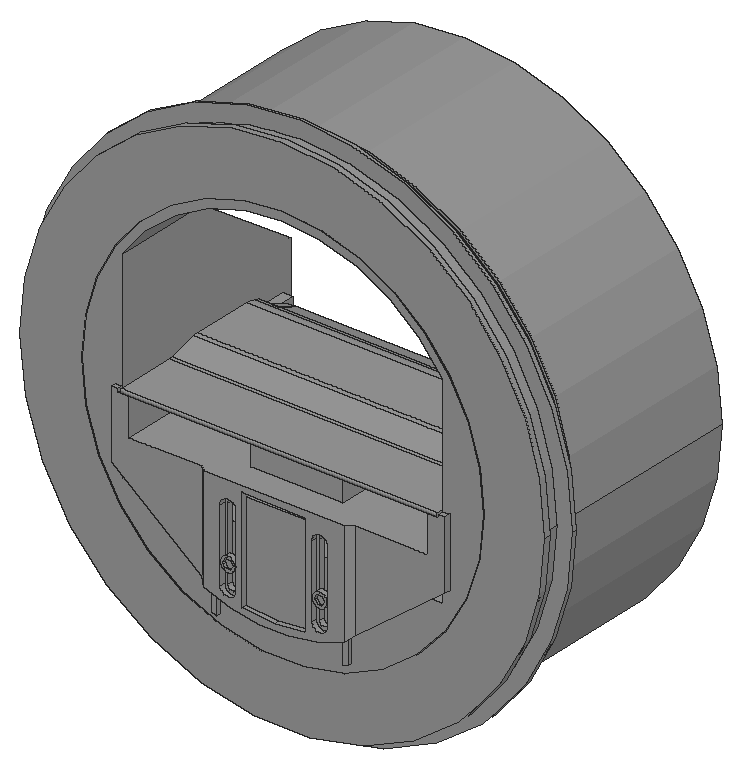
Revit family "CR 8 Inch Diameter", category Mechanical Equipment, Revit 2015
Parameters
  URL = "http://unitedenertech.com/catalog/pdf/L_2B,C%20Model%20CR.pdf"
  Type Comments = "8\" Diameter Model"
  Model = "CR"
  Manufacturer = "United Enertech Corporation"
  Description = "Precision/Flow Damper"
  Depth = 0' - 3.33"
  Damper O.D. = 0' - 7 11/16"
Reference planes (in)
  plane 1 "Center (Front/Back)": y = 0
  plane 2: z = 0
  plane 3 "Center (Left/Right)": x = 0
  plane 4: x = 3.84375
  plane 5: x = -3.84375
Forms (in)
  Extrusion 1, solid, material "Plastic, Opaque Black"
    sketch origin (0, 0, 0) x (1, 0, 0) y (0, 0, 1)
      loop
        circle (0, 0) r 3.84375
    from -0.085 to 0
  Extrusion 2, solid, material "Rubber, Black"
    sketch origin (0, 0, 0) x (1, 0, 0) y (0, 0, 1)
      loop
        circle (0, 0) r 3.75875
    from -0.085 to -0.603
  Extrusion 3, solid, material "Steel, Galvanized"
    sketch origin (0, 0, 0) x (1, 0, 0) y (0, 0, 1)
      loop
        circle (0, 0) r 3.75875
    from -0.653 to -3.33
  Extrusion 4, solid, material "Steel, Galvanized"
    sketch origin (0, 0, 0) x (1, 0, 0) y (0, 0, 1)
      loop
        circle (0, 0) r 3.70875
    from -0.603 to -0.653
  Extrusion 5, void
    sketch origin (0, 0, 0) x (1, 0, 0) y (0, 0, 1)
      loop
        circle (0, 0) r 3.67729
    from -4.11535 to -0.085
  Extrusion 6, void
    sketch origin (0, 0, 0) x (1, 0, 0) y (0, 0, 1)
      loop
        circle (0, 0) r 3.67729
    from -4.11535 to -0.085
  Extrusion 7, solid, material "Rubber, Black"
    sketch origin (0, 0, 0) x (1, 0, 0) y (0, 0, 1)
      loop
        circle (0, 0) r 3.75875
      loop
        circle (0, 0) r 4
    from -0.36146 to -0.31146
  Extrusion 8, void
    sketch origin (0, 0, 0) x (1, 0, 0) y (0, 0, 1)
      loop
        circle (0, 0) r 2.94375
    from 0 to -5
  Extrusion 9, solid, material "Plastic, Opaque Black"
    sketch origin (0, 0, 0) x (1, 0, 0) y (0, 0, 1)
      loop
        circle (0, 0) r 2.94375
    from 0 to -1.45
  Extrusion 10, void
    sketch origin (0, 0, 0) x (1, 0, 0) y (0, 0, 1)
      loop
        line (2.34375, 0) -> (2.34375, 1.56595)
        arc (2.34375, 1.56595) -> (1.32879, 2.4859) -> (0, 2.81875) r 2.81875
        arc (0, 2.81875) -> (-1.32879, 2.4859) -> (-2.34375, 1.56595) r 2.81875
        line (-2.34375, 1.56595) -> (-2.34375, -1.38375) -> (0, -1.38375) -> (2.34375, -1.38375) -> (2.34375, 0)
    from 0 to -3.83307
  Extrusion 11, solid, material "Plastic, Opaque Black"
    sketch origin (0, 0, 0) x (0, 1, 0) y (0, 0, 1)
      loop
        line (1.45, 1.56595) -> (1.45, -1.63375) -> (2.675, -1.63375) -> (3.075, -1.23375) -> (3.075, 0.41595) -> (1.45, 1.56595)
    from 2.34375 to 2.42375
  Extrusion 12, solid, material "Plastic, Opaque Black"
    sketch origin (0, 0, 0) x (0, 1, 0) y (0, 0, -1)
      loop
        line (1.45, -1.56595) -> (3.075, -0.41595) -> (3.075, 1.23375) -> (2.675, 1.63375) -> (1.45, 1.63375) -> (1.45, -1.56595)
    from 2.34375 to 2.42375
  Extrusion 13, solid, material "Plastic, Opaque Black"
    sketch origin (0, 0, 0) x (0, 1, 0) y (0, 0, 1)
      loop
        line (1.45, -1.63375) -> (2.675, -1.63375) -> (2.675, -1.38375) -> (1.45, -1.38375) -> (1.45, -1.63375)
    from 2.34375 to -2.34375
  Extrusion 14, void
    sketch origin (0, 0, 0) x (1, 0, 0) y (0, 0, 1)
      loop
        line (-2.42375, 1.56595) -> (-2.42375, 1.67066)
        arc (-2.42375, 1.67066) -> (-2.84696, -0.74864) -> (-1.28843, -2.64681) r 2.94375
        arc (-1.28843, -2.64681) -> (2.23212, -1.91919) -> (2.42375, 1.67066) r 2.94375
        line (2.42375, 1.67066) -> (2.42375, -1.63375) -> (-2.42375, -1.63375) -> (-2.42375, 1.56595)
    from -0.31146 to -3.5842
  Extrusion 15, void
    sketch origin (0, 0, 0) x (1, 0, 0) y (0, 0, 1)
      loop
        arc (-2.42375, 1.52225) -> (-2.86213, 0) -> (-2.42375, -1.52225) r 2.86213
        line (-2.42375, -1.52225) -> (-2.42375, 1.52225)
      loop
        line (2.42375, 1.52225) -> (2.42375, -1.52225)
        arc (2.42375, -1.52225) -> (2.86213, 0) -> (2.42375, 1.52225) r 2.86213
      loop
        arc (-2.35004, -1.63375) -> (0, -2.86213) -> (2.35004, -1.63375) r 2.86213
        line (2.35004, -1.63375) -> (-2.35004, -1.63375)
    from -0.085 to -1.45
  Extrusion 16, solid, material "Plastic, Opaque Black"
    sketch origin (0, 0, 0) x (1, 0, 0) y (0, 0, 1)
      loop
        line (-2.44375, -1.17375) -> (-1.02975, -2.27121)
        arc (-1.02975, -2.27121) -> (-0.52676, -2.43748) -> (0, -2.49375) r 2.49375
        arc (0, -2.49375) -> (0.52676, -2.43748) -> (1.02975, -2.27121) r 2.49375
        line (1.02975, -2.27121) -> (2.44375, -1.17375) -> (2.44375, -0.17375) -> (2.35375, -0.17375) -> (2.35375, -0.22375) -> (2.18375, -0.22375) -> (2.18375, -0.75775) -> (-2.18375, -0.75775) -> (-2.18375, -0.22375) -> (-2.35375, -0.22375) -> (-2.35375, -0.17375) -> (-2.44375, -0.17375) -> (-2.44375, -1.17375)
    from 0 to 0.08
  Extrusion 17, solid, material "Plastic, Opaque Black"
    sketch origin (0, 0, 0) x (1, 0, 0) y (0, 0, 1)
      loop
        line (-1.00274, -1.63375) -> (-1.00274, -2.63586)
        arc (-1.00274, -2.63586) -> (-0.96285, -2.65069) -> (-0.92274, -2.66492) r 2.82015
        line (-0.92274, -2.66492) -> (-0.92274, -1.63375) -> (-1.00274, -1.63375)
    from 0 to 0.05168
  Extrusion 18, solid, material "Plastic, Opaque Black"
    sketch origin (0, 0, 0) x (-1, 0, 0) y (0, 0, -1)
      loop
        line (-1.00274, 1.63375) -> (-0.92274, 1.63375) -> (-0.92274, 2.66492)
        arc (-0.92274, 2.66492) -> (-0.96285, 2.65069) -> (-1.00274, 2.63586) r 2.82015
        line (-1.00274, 2.63586) -> (-1.00274, 1.63375)
    from 0 to 0.05168
  Blend 19, solid, material "Plastic, Opaque Black"
    base sketch origin (0, 0, 0) x (1, 0, 0) y (0, 0, 1)
      loop
        arc (-1.02975, -2.27121) -> (0, -2.49375) -> (1.02975, -2.27121) r 2.49375
        line (1.02975, -2.27121) -> (1.02975, -0.75775) -> (-1.02975, -0.75775) -> (-1.02975, -2.27121)
    top sketch origin (0, 0, 0) x (1, 0, 0) y (0, 0, 1)
      loop
        line (-1.02975, -0.75775) -> (-1.11975, -0.75775) -> (-1.11975, -2.20136) -> (-1.02975, -2.27121)
        arc (-1.02975, -2.27121) -> (0, -2.49375) -> (1.02975, -2.27121) r 2.49375
        line (1.02975, -2.27121) -> (1.11975, -2.20136) -> (1.11975, -0.75775) -> (1.02975, -0.75775) -> (-1.02975, -0.75775)
    from 0.16 to 0.08
  Extrusion 20, void
    sketch origin (0, 0, 0) x (1, 0, 0) y (0, 0, 1)
      loop
        line (0, -0.83775) -> (-0.47, -0.83775) -> (-0.47, -2.35225)
        arc (-0.47, -2.35225) -> (-0.23615, -2.3871) -> (0, -2.39875) r 2.39875
        arc (0, -2.39875) -> (0.23615, -2.3871) -> (0.47, -2.35225) r 2.39875
        line (0.47, -2.35225) -> (0.47, -0.83775) -> (0, -0.83775)
    from 0.08 to 0.16
  Extrusion 21, void
    sketch origin (0, 0, 0) x (1, 0, 0) y (0, 0, 1)
      loop
        line (-0.47, -0.83775) -> (-0.47, -0.93775) -> (0.47, -0.93775) -> (0.47, -0.83775) -> (-0.47, -0.83775)
    from 0 to 0.16
  Extrusion 22, void
    sketch origin (0, 0, 0) x (1, 0, 0) y (0, 0, 1)
      loop
        line (-0.738, -1.11125) -> (-0.738, -2.17208)
        arc (-0.738, -2.17208) -> (-0.6705, -2.23958) -> (-0.603, -2.17208) r 0.0675
        line (-0.603, -2.17208) -> (-0.603, -1.11125)
        arc (-0.603, -1.11125) -> (-0.6705, -1.04375) -> (-0.738, -1.11125) r 0.0675
      loop
        arc (0.738, -1.11125) -> (0.6705, -1.04375) -> (0.603, -1.11125) r 0.0675
        line (0.603, -1.11125) -> (0.603, -2.17208)
        arc (0.603, -2.17208) -> (0.6705, -2.23958) -> (0.738, -2.17208) r 0.0675
        line (0.738, -2.17208) -> (0.738, -1.11125)
    from 0 to 0.26809
  Extrusion 23, void
    sketch origin (0, 0, 0) x (1, 0, 0) y (0, 0, 1)
      loop
        line (-0.78878, -1.11125) -> (-0.78878, -2.17208)
        arc (-0.78878, -2.17208) -> (-0.6705, -2.29036) -> (-0.55222, -2.17208) r 0.11828
        line (-0.55222, -2.17208) -> (-0.55222, -1.11125)
        arc (-0.55222, -1.11125) -> (-0.6705, -0.99297) -> (-0.78878, -1.11125) r 0.11828
      loop
        arc (0.78878, -1.11125) -> (0.6705, -0.99297) -> (0.55222, -1.11125) r 0.11828
        line (0.55222, -1.11125) -> (0.55222, -2.17208)
        arc (0.55222, -2.17208) -> (0.6705, -2.29036) -> (0.78878, -2.17208) r 0.11828
        line (0.78878, -2.17208) -> (0.78878, -1.11125)
    from 0.08 to 0.26809
  Extrusion 24, solid, material "Aluminum"
    sketch origin (0, 0, 0.38301) x (1, 0, 0) y (0, 0, 1)
      loop
        circle (-0.6705, -2.23958) r 0.10606
    from 0.08 to 0.16
  Extrusion 25, solid, material "Aluminum"
    sketch origin (0, 0, -0.10606) x (1, 0, 0) y (0, 0, 1)
      loop
        circle (-0.6705, -1.75052) r 0.05796
    from 0 to 0.08
  Extrusion 26, void
    sketch origin (0, 0, 0) x (1, 0, 0) y (0, 0, 1)
      loop
        line (-0.62476, -1.79125) -> (-0.7042, -1.7843) -> (-0.74995, -1.84962) -> (-0.71624, -1.9219) -> (-0.6368, -1.92885) -> (-0.59105, -1.86352) -> (-0.62476, -1.79125)
    from 0.12205 to 0.26809
  Extrusion 27, solid, material "Aluminum"
    sketch origin (0, 0, 0.38301) x (-1, 0, 0) y (0, 0, -1)
      loop
        circle (-0.6705, 2.23958) r 0.10606
    from 0.08 to 0.16
  Extrusion 28, solid, material "Aluminum"
    sketch origin (0, 0, -0.10606) x (-1, 0, 0) y (0, 0, -1)
      loop
        circle (-0.6705, 1.75052) r 0.05796
    from 0 to 0.08
  Extrusion 29, void
    sketch origin (0, 0, 0) x (-1, 0, 0) y (0, 0, -1)
      loop
        line (-0.62476, 1.79125) -> (-0.59105, 1.86352) -> (-0.6368, 1.92885) -> (-0.71624, 1.9219) -> (-0.74995, 1.84962) -> (-0.7042, 1.7843) -> (-0.62476, 1.79125)
    from 0.12205 to 0.26809
  Extrusion 30, solid, material "Plastic, Opaque Black"
    sketch origin (0, 0, 0) x (1, 0, 0) y (0, 1, 0)
      loop
        line (-0.6725, 0.915) -> (-0.6725, 0.265) -> (0.6725, 0.265) -> (0.6725, 0.915) -> (-0.6725, 0.915)
    from -0.75775 to -0.31775
  Extrusion 31, solid, material "Plastic, Opaque Black"
    sketch origin (0, 0, 0) x (1, 0, 0) y (0, 0, 1)
      loop
        line (-2.34375, -0.22375) -> (-2.34375, -1.00775) -> (2.34375, -1.00775) -> (2.34375, -0.75775) -> (2.34375, -0.22375) -> (2.18375, -0.22375) -> (2.18375, -0.75775) -> (-2.18375, -0.75775) -> (-2.18375, -0.22375) -> (-2.34375, -0.22375)
    from -2.91717 to 0
  Extrusion 32, solid, material "Plastic, Opaque Black"
    sketch origin (0, 0, 0) x (0, 1, 0) y (0, 0, 1)
      loop
        arc (-0.05557, -0.17375) -> (-0.07998, -0.19906) -> (-0.05382, -0.22255) r 0.02443
        line (-0.05382, -0.22255) -> (0.82534, -0.22453)
        arc (0.82534, -0.22453) -> (0.8563, -0.22254) -> (0.88675, -0.2166) r 0.24181
        line (0.88675, -0.2166) -> (1.28312, -0.11252)
        arc (1.28312, -0.11252) -> (1.31381, -0.10654) -> (1.34502, -0.10453) r 0.24371
        line (1.34502, -0.10453) -> (2.23036, -0.10453)
        arc (2.23036, -0.10453) -> (2.2978, -0.11001) -> (2.36347, -0.1263) r 0.41795
        line (2.36347, -0.1263) -> (2.44483, -0.15363) -> (2.461, -0.10549) -> (2.37965, -0.07816)
        arc (2.37965, -0.07816) -> (2.306, -0.05989) -> (2.23036, -0.05375) r 0.46873
        line (2.23036, -0.05375) -> (1.34502, -0.05375)
        arc (1.34502, -0.05375) -> (1.30731, -0.05617) -> (1.27023, -0.06341) r 0.29449
        line (1.27023, -0.06341) -> (0.87385, -0.16749)
        arc (0.87385, -0.16749) -> (0.8498, -0.17218) -> (0.82534, -0.17375) r 0.19103
        line (0.82534, -0.17375) -> (-0.05557, -0.17375)
    from -2.31257 to 2.31257
  Extrusion 33, solid, material "Plastic, Opaque Black"
    sketch origin (0, 0, 0) x (0, 1, 0) y (0, 0, 1)
      loop
        line (2.461, -0.10549) -> (2.44483, -0.15363) -> (2.36347, -0.1263)
        arc (2.36347, -0.1263) -> (2.2978, -0.11001) -> (2.23036, -0.10453) r 0.41795
        line (2.23036, -0.10453) -> (1.34502, -0.10453)
        arc (1.34502, -0.10453) -> (1.31381, -0.10654) -> (1.28312, -0.11252) r 0.24371
        line (1.28312, -0.11252) -> (0.88675, -0.2166)
        arc (0.88675, -0.2166) -> (0.86576, -0.22113) -> (0.84446, -0.22377) r 0.24181
        line (0.84446, -0.22377) -> (-0.05382, -0.22255) -> (0.14264, -0.35993) -> (2.3582, -0.35993) -> (2.7537, -0.22375) -> (2.461, -0.10549)
    from 2.02394 to 2.12394
  Extrusion 34, solid, material "Plastic, Opaque Black"
    sketch origin (0, 0, 0) x (0, 1, 0) y (0, 0, -1)
      loop
        line (2.461, 0.10549) -> (2.7537, 0.22375) -> (2.3582, 0.35993) -> (0.14264, 0.35993) -> (-0.05382, 0.22255) -> (0.84446, 0.22377)
        arc (0.84446, 0.22377) -> (0.86576, 0.22113) -> (0.88675, 0.2166) r 0.24181
        line (0.88675, 0.2166) -> (1.28312, 0.11252)
        arc (1.28312, 0.11252) -> (1.31381, 0.10654) -> (1.34502, 0.10453) r 0.24371
        line (1.34502, 0.10453) -> (2.23036, 0.10453)
        arc (2.23036, 0.10453) -> (2.2978, 0.11001) -> (2.36347, 0.1263) r 0.41795
        line (2.36347, 0.1263) -> (2.44483, 0.15363) -> (2.461, 0.10549)
    from 2.02394 to 2.12394
  Extrusion 35, solid, material "Plastic, Opaque Black"
    sketch origin (0, 0, 0) x (0, 1, 0) y (0, 0, 1)
      loop
        line (2.461, -0.10549) -> (2.44483, -0.15363) -> (2.61838, -0.22375) -> (2.7537, -0.22375) -> (2.461, -0.10549)
    from -2.02394 to 2.02394
  Extrusion 36, solid, material "Plastic, Opaque Black"
    sketch origin (0, 0, 0) x (0, 1, 0) y (0, 0, 1)
      loop
        line (-0.05382, -0.22255) -> (0.08135, -0.31707) -> (0.09937, -0.2913) -> (0.00277, -0.22375) -> (-0.05382, -0.22255)
    from -2.02394 to 2.02394
Cuts and joins
  Extrusion 5, Extrusion 6, Extrusion 8, Extrusion 14 cuts Extrusion 1
  Extrusion 5, Extrusion 6 cuts Extrusion 3
  Extrusion 6 cuts Extrusion 2
  Extrusion 6 cuts Extrusion 4
  Extrusion 10, Extrusion 14, Extrusion 15, Extrusion 20, Extrusion 22, Extrusion 23, Extrusion 26 cuts Extrusion 9
  Extrusion 14, Extrusion 15, Extrusion 20, Extrusion 22, Extrusion 23, Extrusion 26 cuts Extrusion 11
  Extrusion 14, Extrusion 15, Extrusion 20, Extrusion 22, Extrusion 23, Extrusion 26 cuts Extrusion 12
  Extrusion 14, Extrusion 15, Extrusion 20, Extrusion 22, Extrusion 23, Extrusion 26 cuts Extrusion 13
  joined: Extrusion 9, Extrusion 11, Extrusion 12, Extrusion 13
  Extrusion 20, Extrusion 21, Extrusion 22, Extrusion 23, Extrusion 26 cuts Extrusion 16
  Extrusion 20, Extrusion 21, Extrusion 22, Extrusion 23, Extrusion 26 cuts Blend 19
  joined: Extrusion 16, Blend 19, Extrusion 31
  Extrusion 26, Extrusion 29 cuts Extrusion 24
  Extrusion 26 cuts Extrusion 25
  Extrusion 29 cuts Extrusion 27
  joined: Extrusion 32, Extrusion 35
Dimensions and locks (in)
  "Damper O.D.": plane 5 to plane 4
  "Depth": cut or joined group of Extrusion 3, Extrusion 5, Extrusion 6 to cut or joined group of Extrusion 1, Extrusion 5, Extrusion 6, Extrusion 8, Extrusion 14
  aligned and locked: level to plane 2
Automatic sketch dimensions
  Extrusion 1 sketch curve to level = 0' - 0"
  Extrusion 1 sketch curve to plane 3 "Center (Left/Right)" = 0' - 0"
  Extrusion 2 sketch curve to level = 0' - 0"
  Extrusion 2 sketch curve to plane 3 "Center (Left/Right)" = 0' - 0"
  Extrusion 3 sketch curve to level = 0' - 0"
  Extrusion 3 sketch curve to plane 3 "Center (Left/Right)" = 0' - 0"
  Extrusion 4 sketch curve to level = 0' - 0"
  Extrusion 4 sketch curve to plane 3 "Center (Left/Right)" = 0' - 0"
  Extrusion 5 sketch curve to level = 0' - 0"
  Extrusion 5 sketch curve to plane 3 "Center (Left/Right)" = 0' - 0"
  Extrusion 6 sketch curve to level = 0' - 0"
  Extrusion 6 sketch curve to plane 3 "Center (Left/Right)" = 0' - 0"
  Extrusion 7 sketch curve to Extrusion 7 sketch curve = 0' - 0"  (x2)
  Extrusion 7 sketch curve to level = 0' - 0"
  Extrusion 7 sketch curve to plane 3 "Center (Left/Right)" = 0' - 0"
  Extrusion 8 sketch curve to level = 0' - 0"
  Extrusion 8 sketch curve to plane 3 "Center (Left/Right)" = 0' - 0"
  Extrusion 9 sketch curve to level = 0' - 0"
  Extrusion 9 sketch curve to plane 3 "Center (Left/Right)" = 0' - 0"
  Extrusion 10 sketch curve to Extrusion 10 sketch curve = 0' - 0"  (x2)
  Extrusion 10 sketch curve to plane 3 "Center (Left/Right)" = 0' - 0"  (x2)
  Extrusion 10 sketch curve to level = 0' - 0"  (x2)
  Extrusion 10 sketch curve to plane 5 = 0' - 1 1/2"
  plane 4 to Extrusion 10 sketch curve = 0' - 1 1/2"
  Extrusion 10 sketch curve to level = 0' - 1.38375"
  level to Extrusion 10 sketch curve = 0' - 1.56595"
  Extrusion 11 sketch curve to plane 1 "Center (Front/Back)" = 0' - 1.45"
  Extrusion 11 sketch curve to Extrusion 11 sketch curve = 0' - 1.225"
  level to Extrusion 11 sketch curve = 0' - 0.41595"
  Extrusion 11 sketch curve to Extrusion 11 sketch curve = 0' - 1 5/8"
  Extrusion 11 sketch curve to level = 0' - 1.23375"
  Extrusion 11 sketch curve to level = 0' - 1.63375"
  level to Extrusion 11 sketch curve = 0' - 1.56595"
  Extrusion 12 sketch curve to plane 1 "Center (Front/Back)" = 0' - 1.45"
  Extrusion 12 sketch curve to Extrusion 12 sketch curve = 0' - 1.225"
  level to Extrusion 12 sketch curve = 0' - 0.41595"
  Extrusion 12 sketch curve to Extrusion 12 sketch curve = 0' - 1 5/8"
  level to Extrusion 12 sketch curve = 0' - 1.56595"
  Extrusion 12 sketch curve to level = 0' - 1.23375"
  Extrusion 12 sketch curve to Extrusion 12 sketch curve = 0' - 0.4"
  Extrusion 13 sketch curve to plane 1 "Center (Front/Back)" = 0' - 1.45"
  Extrusion 13 sketch curve to Extrusion 13 sketch curve = 0' - 1.225"
  Extrusion 13 sketch curve to level = 0' - 1.63375"
  Extrusion 13 sketch curve to Extrusion 13 sketch curve = 0' - 0 1/4"
  Extrusion 14 sketch curve to Extrusion 14 sketch curve = 0' - 0"  (x2)
  Extrusion 14 sketch curve to level = 0' - 0"
  Extrusion 14 sketch curve to plane 3 "Center (Left/Right)" = 0' - 0"
  Extrusion 14 sketch curve to plane 5 = 0' - 1.42"
  plane 4 to Extrusion 14 sketch curve = 0' - 1.42"
  Extrusion 14 sketch curve to level = 0' - 1.63375"
  level to Extrusion 14 sketch curve = 0' - 1.56595"
  Extrusion 14 sketch curve to Extrusion 14 sketch curve = 0' - 0.10471"
  Extrusion 14 sketch curve to plane 3 "Center (Left/Right)" = 0' - 1.28843"
  Extrusion 15 sketch curve to Extrusion 15 sketch curve = 0' - 0"  (x6)
  Extrusion 15 sketch curve to level = 0' - 0"
  Extrusion 15 sketch curve to plane 3 "Center (Left/Right)" = 0' - 0"
  Extrusion 15 sketch curve to plane 5 = 0' - 1.49371"
  Extrusion 15 sketch curve to Extrusion 15 sketch curve = 0' - 0.07371"  (x2)
  Extrusion 15 sketch curve to level = 0' - 1.52225"  (x2)
  Extrusion 15 sketch curve to Extrusion 15 sketch curve = 0' - 0.1115"
  Extrusion 16 sketch curve to Extrusion 16 sketch curve = 0' - 0"  (x2)
  Extrusion 16 sketch curve to level = 0' - 0"
  Extrusion 16 sketch curve to plane 3 "Center (Left/Right)" = 0' - 0"
  Extrusion 16 sketch curve to plane 3 "Center (Left/Right)" = 0' - 1.02975"
  Extrusion 16 sketch curve to level = 0' - 0.22375"  (x2)
  Extrusion 16 sketch curve to plane 5 = 0' - 1.66"
  Extrusion 16 sketch curve to Extrusion 16 sketch curve = 0' - 0.17"  (x2)
  Extrusion 16 sketch curve to Extrusion 16 sketch curve = 0' - 0.26"
  plane 3 "Center (Left/Right)" to Extrusion 16 sketch curve = 0' - 1.02975"
  Extrusion 16 sketch curve to level = 0' - 0.75775"
  plane 4 to Extrusion 16 sketch curve = 0' - 1.66"
  Extrusion 16 sketch curve to Extrusion 16 sketch curve = 0' - 0.09"
  Extrusion 16 sketch curve to Extrusion 16 sketch curve = 0' - 0.416"  (x2)
  Extrusion 16 sketch curve to Extrusion 16 sketch curve = 0' - 1.09746"
  Extrusion 16 sketch curve to Extrusion 16 sketch curve = 0' - 0.05"  (x2)
  Extrusion 17 sketch curve to level = 0' - 0"
  Extrusion 17 sketch curve to plane 3 "Center (Left/Right)" = 0' - 0"
  Extrusion 17 sketch curve to plane 3 "Center (Left/Right)" = 0' - 0.92274"
  Extrusion 17 sketch curve to Extrusion 17 sketch curve = 0' - 0.08"
  Extrusion 17 sketch curve to level = 0' - 1.63375"
  Extrusion 17 sketch curve to Extrusion 17 sketch curve = 0' - 1.00211"
  Extrusion 18 sketch curve to level = 0' - 0"
  Extrusion 18 sketch curve to plane 3 "Center (Left/Right)" = 0' - 0"
  Extrusion 18 sketch curve to plane 3 "Center (Left/Right)" = 0' - 0.92274"
  Extrusion 18 sketch curve to Extrusion 18 sketch curve = 0' - 0.08"
  level to Extrusion 18 sketch curve = 0' - 1.63375"
  Extrusion 18 sketch curve to Extrusion 18 sketch curve = 0' - 1.00211"
  Blend 19 sketch curve to level = 0' - 0"  (x2)
  Blend 19 sketch curve to plane 3 "Center (Left/Right)" = 0' - 0"  (x2)
  Blend 19 sketch curve to plane 3 "Center (Left/Right)" = 0' - 1.02975"  (x3)
  plane 3 "Center (Left/Right)" to Blend 19 sketch curve = 0' - 1.02975"  (x3)
  Blend 19 sketch curve to level = 0' - 0.75775"  (x2)
  Blend 19 sketch curve to Blend 19 sketch curve = 0' - 1.51346"
  Blend 19 sketch curve to Blend 19 sketch curve = 0' - 0.09"  (x2)
  Blend 19 sketch curve to Blend 19 sketch curve = 0' - 1.44361"  (x2)
  Blend 19 sketch curve to Blend 19 sketch curve = 0' - 0.06985"
  Extrusion 20 sketch curve to Extrusion 20 sketch curve = 0' - 0"  (x2)
  Extrusion 20 sketch curve to plane 3 "Center (Left/Right)" = 0' - 0"  (x2)
  Extrusion 20 sketch curve to level = 0' - 0"
  Extrusion 20 sketch curve to Extrusion 20 sketch curve = 0' - 0.47"
  plane 3 "Center (Left/Right)" to Extrusion 20 sketch curve = 0' - 0.47"
  Extrusion 20 sketch curve to level = 0' - 0.83775"
  Extrusion 20 sketch curve to Extrusion 20 sketch curve = 0' - 1.5145"
  Extrusion 21 sketch curve to plane 3 "Center (Left/Right)" = 0' - 0.47"
  plane 3 "Center (Left/Right)" to Extrusion 21 sketch curve = 0' - 0.47"
  Extrusion 21 sketch curve to level = 0' - 0.93775"
  Extrusion 21 sketch curve to Extrusion 21 sketch curve = 0' - 0.1"
  Extrusion 22 sketch curve to plane 3 "Center (Left/Right)" = 0' - 0.738"
  Extrusion 22 sketch curve to Extrusion 22 sketch curve = 0' - 0.0675"  (x2)
  plane 3 "Center (Left/Right)" to Extrusion 22 sketch curve = 0' - 0.603"
  Extrusion 22 sketch curve to level = 0' - 2.17208"
  Extrusion 22 sketch curve to Extrusion 22 sketch curve = 0' - 0"
  Extrusion 22 sketch curve to Extrusion 22 sketch curve = 0' - 1.06083"  (x2)
  Extrusion 23 sketch curve to plane 3 "Center (Left/Right)" = 0' - 0.78878"
  Extrusion 23 sketch curve to Extrusion 23 sketch curve = 0' - 0.11828"  (x2)
  plane 3 "Center (Left/Right)" to Extrusion 23 sketch curve = 0' - 0.55222"
  Extrusion 23 sketch curve to level = 0' - 2.17208"
  Extrusion 23 sketch curve to Extrusion 23 sketch curve = 0' - 0"
  Extrusion 23 sketch curve to Extrusion 23 sketch curve = 0' - 1.06083"  (x2)
  Extrusion 24 sketch curve to plane 3 "Center (Left/Right)" = 0' - 0.6705"
  Extrusion 24 sketch curve to level = 0' - 1.85657"
  Extrusion 25 sketch curve to plane 3 "Center (Left/Right)" = 0' - 0.6705"
  Extrusion 25 sketch curve to level = 0' - 1.85657"
  Extrusion 26 sketch curve to plane 3 "Center (Left/Right)" = 0' - 0.74995"
  Extrusion 26 sketch curve to Extrusion 26 sketch curve = 0' - 0.0337"
  Extrusion 26 sketch curve to Extrusion 26 sketch curve = 0' - 0.04574"  (x2)
  Extrusion 26 sketch curve to Extrusion 26 sketch curve = 0' - 0.07945"  (x2)
  Extrusion 26 sketch curve to level = 0' - 1.92885"
  Extrusion 26 sketch curve to Extrusion 26 sketch curve = 0' - 0.00695"  (x2)
  Extrusion 26 sketch curve to Extrusion 26 sketch curve = 0' - 0.06533"
  Extrusion 26 sketch curve to Extrusion 26 sketch curve = 0' - 0.07228"  (x2)
  Extrusion 27 sketch curve to plane 3 "Center (Left/Right)" = 0' - 0.6705"
  level to Extrusion 27 sketch curve = 0' - 1.85657"
  Extrusion 28 sketch curve to plane 3 "Center (Left/Right)" = 0' - 0.6705"
  level to Extrusion 28 sketch curve = 0' - 1.85657"
  Extrusion 29 sketch curve to plane 3 "Center (Left/Right)" = 0' - 0.74995"
  Extrusion 29 sketch curve to Extrusion 29 sketch curve = 0' - 0.0337"
  Extrusion 29 sketch curve to Extrusion 29 sketch curve = 0' - 0.04574"  (x2)
  Extrusion 29 sketch curve to Extrusion 29 sketch curve = 0' - 0.07945"  (x2)
  level to Extrusion 29 sketch curve = 0' - 1.92885"
  Extrusion 29 sketch curve to Extrusion 29 sketch curve = 0' - 0.00695"  (x2)
  Extrusion 29 sketch curve to Extrusion 29 sketch curve = 0' - 0.06533"
  Extrusion 29 sketch curve to Extrusion 29 sketch curve = 0' - 0.07228"  (x2)
  Extrusion 30 sketch curve to plane 1 "Center (Front/Back)" = 0' - 0.265"
  Extrusion 30 sketch curve to plane 3 "Center (Left/Right)" = 0' - 0.6725"
  plane 3 "Center (Left/Right)" to Extrusion 30 sketch curve = 0' - 0.6725"
  Extrusion 30 sketch curve to Extrusion 30 sketch curve = 0' - 0.65"
  Extrusion 31 sketch curve to level = 0' - 0.22375"  (x2)
  Extrusion 31 sketch curve to plane 5 = 0' - 1 1/2"
  Extrusion 31 sketch curve to Extrusion 31 sketch curve = 0' - 0.16"  (x2)
  plane 4 to Extrusion 31 sketch curve = 0' - 1.66"
  Extrusion 31 sketch curve to Extrusion 31 sketch curve = 0' - 0.534"  (x2)
  Extrusion 31 sketch curve to Extrusion 31 sketch curve = 0' - 0 1/4"
  Extrusion 32 sketch curve to Extrusion 32 sketch curve = 0' - 0"  (x6)
  plane 1 "Center (Front/Back)" to Extrusion 32 sketch curve = 0' - 0.05557"
  Extrusion 32 sketch curve to Extrusion 32 sketch curve = 0' - 0.00175"
  Extrusion 32 sketch curve to level = 0' - 0.22453"
  Extrusion 32 sketch curve to plane 1 "Center (Front/Back)" = 0' - 0.82534"
  Extrusion 32 sketch curve to level = 0' - 0.16749"
  Extrusion 32 sketch curve to Extrusion 32 sketch curve = 0' - 0.04852"
  Extrusion 32 sketch curve to level = 0' - 0.2166"
  Extrusion 32 sketch curve to Extrusion 32 sketch curve = 0' - 0.0129"  (x2)
  Extrusion 32 sketch curve to level = 0' - 0.06341"
  Extrusion 32 sketch curve to Extrusion 32 sketch curve = 0' - 0.39637"
  Extrusion 32 sketch curve to level = 0' - 0.11252"
  Extrusion 32 sketch curve to Extrusion 32 sketch curve = 0' - 0.0619"
  Extrusion 32 sketch curve to Extrusion 32 sketch curve = 0' - 0.88534"
  Extrusion 32 sketch curve to level = 0' - 0.1263"
  Extrusion 32 sketch curve to Extrusion 32 sketch curve = 0' - 0.13311"
  Extrusion 32 sketch curve to level = 0' - 0.07816"
  Extrusion 32 sketch curve to level = 0' - 0.15363"
  Extrusion 32 sketch curve to Extrusion 32 sketch curve = 0' - 0.08136"
  Extrusion 32 sketch curve to Extrusion 32 sketch curve = 0' - 0.23572"
  Extrusion 32 sketch curve to Extrusion 32 sketch curve = 0' - 0.0488"
  plane 1 "Center (Front/Back)" to Extrusion 33 sketch curve = 0' - 0.05382"
  Extrusion 33 sketch curve to plane 1 "Center (Front/Back)" = 0' - 0.14264"
  level to Extrusion 33 sketch curve = 0' - 0.01728"
  Extrusion 33 sketch curve to Extrusion 33 sketch curve = 0' - 0.68269"
  Extrusion 33 sketch curve to level = 0' - 0.22377"
  Extrusion 33 sketch curve to Extrusion 33 sketch curve = 0' - 0.01912"
  Extrusion 33 sketch curve to level = 0' - 0.2166"
  Extrusion 33 sketch curve to level = 0' - 0.11252"
  Extrusion 33 sketch curve to Extrusion 33 sketch curve = 0' - 0.39637"
  Extrusion 33 sketch curve to Extrusion 33 sketch curve = 0' - 0.0619"
  Extrusion 33 sketch curve to Extrusion 33 sketch curve = 0' - 0.88534"
  Extrusion 33 sketch curve to Extrusion 33 sketch curve = 0' - 0.12784"
  Extrusion 33 sketch curve to level = 0' - 0.1263"
  Extrusion 33 sketch curve to Extrusion 33 sketch curve = 0' - 0.13311"
  Extrusion 33 sketch curve to level = 0' - 0.15363"
  Extrusion 33 sketch curve to Extrusion 33 sketch curve = 0' - 0.08136"
  Extrusion 33 sketch curve to level = 0' - 0.10549"
  Extrusion 33 sketch curve to level = 0' - 0.22375"
  Extrusion 33 sketch curve to Extrusion 33 sketch curve = 0' - 0.2927"
  Extrusion 33 sketch curve to Extrusion 33 sketch curve = 0' - 0.23572"
  Extrusion 33 sketch curve to level = 0' - 0.35993"
  Extrusion 33 sketch curve to level = 0' - 0.22255"
  plane 1 "Center (Front/Back)" to Extrusion 34 sketch curve = 0' - 0.05382"
  Extrusion 34 sketch curve to plane 1 "Center (Front/Back)" = 0' - 0.14264"
  level to Extrusion 34 sketch curve = 0' - 0.01728"
  Extrusion 34 sketch curve to Extrusion 34 sketch curve = 0' - 0.68269"
  Extrusion 34 sketch curve to level = 0' - 0.22377"
  Extrusion 34 sketch curve to Extrusion 34 sketch curve = 0' - 0.01912"
  Extrusion 34 sketch curve to level = 0' - 0.2166"
  Extrusion 34 sketch curve to level = 0' - 0.11252"
  Extrusion 34 sketch curve to Extrusion 34 sketch curve = 0' - 0.39637"
  Extrusion 34 sketch curve to Extrusion 34 sketch curve = 0' - 0.0619"
  Extrusion 34 sketch curve to Extrusion 34 sketch curve = 0' - 0.88534"
  Extrusion 34 sketch curve to Extrusion 34 sketch curve = 0' - 0.12784"
  Extrusion 34 sketch curve to level = 0' - 0.1263"
  Extrusion 34 sketch curve to Extrusion 34 sketch curve = 0' - 0.13311"
  Extrusion 34 sketch curve to level = 0' - 0.15363"
  Extrusion 34 sketch curve to Extrusion 34 sketch curve = 0' - 0.08136"
  Extrusion 34 sketch curve to level = 0' - 0.10549"
  Extrusion 34 sketch curve to level = 0' - 0.22375"
  Extrusion 34 sketch curve to Extrusion 34 sketch curve = 0' - 0.2927"
  Extrusion 34 sketch curve to level = 0' - 0.10453"
  Extrusion 34 sketch curve to level = 0' - 0.22255"
  Extrusion 34 sketch curve to Extrusion 34 sketch curve = 0' - 0.13738"
  Extrusion 35 sketch curve to level = 0' - 0.15363"
  Extrusion 35 sketch curve to plane 1 "Center (Front/Back)" = 0' - 2.44483"
  Extrusion 35 sketch curve to level = 0' - 0.10549"
  Extrusion 35 sketch curve to Extrusion 35 sketch curve = 0' - 0.01617"
  Extrusion 35 sketch curve to level = 0' - 0.22375"
  Extrusion 35 sketch curve to Extrusion 35 sketch curve = 0' - 0.17355"
  Extrusion 35 sketch curve to Extrusion 35 sketch curve = 0' - 0.13532"
  plane 1 "Center (Front/Back)" to Extrusion 36 sketch curve = 0' - 0.05382"
  Extrusion 36 sketch curve to plane 1 "Center (Front/Back)" = 0' - 0.00277"
  Extrusion 36 sketch curve to plane 1 "Center (Front/Back)" = 0' - 0.08135"
  Extrusion 36 sketch curve to Extrusion 36 sketch curve = 0' - 0.01802"
  Extrusion 36 sketch curve to level = 0' - 0.31707"
  Extrusion 36 sketch curve to Extrusion 36 sketch curve = 0' - 0.02577"
  radius of Extrusion 1 sketch curve = 0' - 3 27/32"
  radius of Extrusion 2 sketch curve = 0' - 3.75875"
  radius of Extrusion 3 sketch curve = 0' - 3.75875"
  radius of Extrusion 4 sketch curve = 0' - 3.70875"
  radius of Extrusion 5 sketch curve = 0' - 3.67729"
  radius of Extrusion 6 sketch curve = 0' - 3.67729"
  radius of Extrusion 7 sketch curve = 0' - 3.75875"
  radius of Extrusion 7 sketch curve = 0' - 4"
  radius of Extrusion 8 sketch curve = 0' - 2.94375"
  radius of Extrusion 9 sketch curve = 0' - 2.94375"
  radius of Extrusion 24 sketch curve = 0' - 0.10606"
  radius of Extrusion 25 sketch curve = 0' - 0.05796"
  radius of Extrusion 27 sketch curve = 0' - 0.10606"
  radius of Extrusion 28 sketch curve = 0' - 0.05796"
